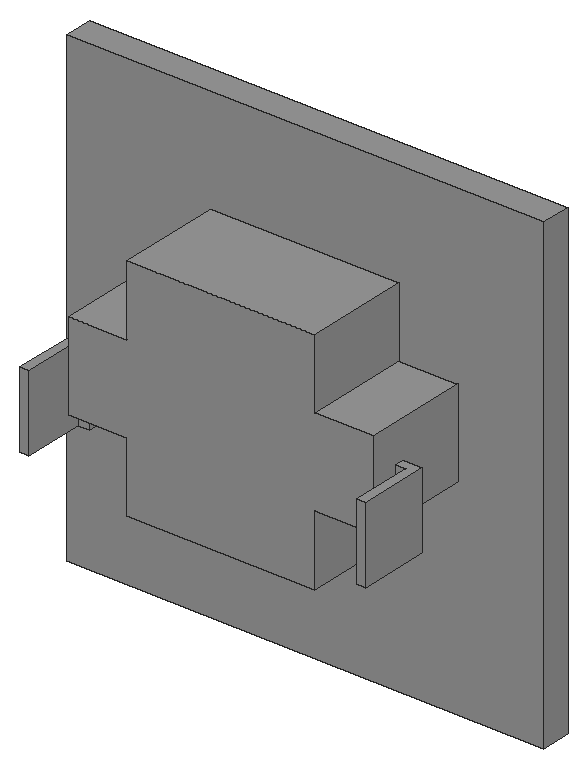
Revit family "IEK_Выключатель_Встраиваемый_С Инд 10А двухклавишный IP20_КВАРТА", category Выключатели, Revit 2019
Family settings
  Сохранять ориентацию аннотаций = Да
  Размер круглого соединителя = Использовать диаметр
  Тип детали = Переключатель
  На основе рабочей плоскости = Нет
  Всегда вертикально = Да
  При загрузке вырезать с полостями = Нет
  Общий = Нет
  Точка расчета площади = Нет
Parameters (values of type "ВС10-2-1-КБ")
  Ширина = 81.5 mm  # constant formula
  Тип монтажа = "Скрытый монтаж (в штукатурку)"  # constant formula
  Степень защиты = "IP20"  # constant formula
  Изготовитель = "IEK"  # constant formula
  Дата изменения = ""
  Глубина = 46 mm  # constant formula
  Высота = 80.5 mm  # constant formula
  ΔХ [instance] = 2000 mm
  ΔY [instance] = 2000 mm
  KSI_CPr_Строительные изделия = "20.4.01"  # constant formula
  KSI_CMa_Строительные материалы = "01.7.14.03"  # constant formula
  IEK_Цена за единицу = 158.42
  IEK_Поиск в таблице имен = ""
  IEK_Описание = "Классический дизайн, проверенный временем и востребованный различными категориями потребителей, позволяет устанавливать изделия серии \"КВАРТА\" в квартирах, загородных домах, офисных и производственных помещениях."
  IEK_URL = "https://www.iek.ru/products/catalog/izdeliya_elektroustanovochnye_udliniteli_i_silovye_razemy/elektroustanovochnye_izdeliya/elektroustanovochnye_izdeliya_skrytogo_montazha/elektroustanovochnye_izdeliya_kvarta/elektroustanovochnye_izdeliya_kvarta_tsvet_belyy/vyklyuchatel_2_klavishnyy_s_indikatsiey_vs10_2_1_kb_10a_kvarta_belyy_iek"
  ADSK_Ток [instance] = 10 A  # constant formula
  ADSK_Примечание = ""
  ADSK_Полная мощность [instance] = ADSK_Номинальная мощность / ADSK_Коэффициент мощности  # 2200 VA
  ADSK_Позиция [instance] = ""
  ADSK_Номинальная мощность [instance] = ADSK_Ток * ADSK_Напряжение * sqrt(ADSK_Количество фаз числовое) * ADSK_Коэффициент мощности  # 2200 W
  ADSK_Напряжение = 220 V
  ADSK_Наименование = "Выключатель 2-клавишный с индикацией ВС10-2-1-КБ 10А КВАРТА белый IEK"
  ADSK_Материал обозначение = ""
  ADSK_Материал наименование = "Пластик"  # constant formula
  ADSK_Материал = Цвет белый
  ADSK_Масса = 0.099  # constant formula
  ADSK_Марка = "КВАРТА"  # constant formula
  ADSK_Коэффициент мощности [instance] = 1  # constant formula
  ADSK_Количество фаз числовое = 1
  ADSK_Количество фаз = 1
  ADSK_Код изделия = "EVK21-K01-10-DM"
  ADSK_Классификация нагрузок [instance] = Прочее
  ADSK_Завод-изготовитель = "IEK"  # constant formula
  ADSK_Единица измерения = "шт"  # constant formula
  ADSK_Группирование = "III ЭЛЕКТРОУСТАНОВОЧНЫЕ И ЭЛЕКТРОМОНТАЖНЫЕ ИЗДЕЛИЯ"  # constant formula
  ADSK_Версия семейства = "1.0"  # constant formula
  ADSK_Версия Revit = "2019"  # constant formula
  ADSK_URL страницы изделия = "https://www.iek.ru/products/catalog/izdeliya_elektroustanovochnye_udliniteli_i_silovye_razemy/elektroustanovochnye_izdeliya/elektroustanovochnye_izdeliya_skrytogo_montazha/elektroustanovochnye_izdeliya_kvarta/?pagec=100"
Types (3, lengths in mm): name | IEK_Цена за единицу | IEK_URL | ADSK_Наименование | ADSK_Материал | ADSK_Код изделия
  (no name) | 158.42 | "https://www.iek.ru/products/catalog/izdeliya_elektroustanovochnye_udliniteli_i_silovye_razemy/elektroustanovochnye_izdeliya/elektroustanovochnye_izdeliya_skrytogo_montazha/elektroustanovochnye_izdeliya_kvarta/elektroustanovochnye_izdeliya_kvarta_tsvet_belyy/vyklyuchatel_2_klavishnyy_s_indikatsiey_vs10_2_1_kb_10a_kvarta_belyy_iek" | "Выключатель 2-клавишный с индикацией ВС10-2-1-КБ 10А КВАРТА белый IEK" | Цвет белый | "EVK21-K01-10-DM"
  ВС10-2-1-КБ | 158.42 | "https://www.iek.ru/products/catalog/izdeliya_elektroustanovochnye_udliniteli_i_silovye_razemy/elektroustanovochnye_izdeliya/elektroustanovochnye_izdeliya_skrytogo_montazha/elektroustanovochnye_izdeliya_kvarta/elektroustanovochnye_izdeliya_kvarta_tsvet_belyy/vyklyuchatel_2_klavishnyy_s_indikatsiey_vs10_2_1_kb_10a_kvarta_belyy_iek" | "Выключатель 2-клавишный с индикацией ВС10-2-1-КБ 10А КВАРТА белый IEK" | Цвет белый | "EVK21-K01-10-DM"
  ВС10-2-1-ККм | 151.87 | "https://www.iek.ru/products/catalog/izdeliya_elektroustanovochnye_udliniteli_i_silovye_razemy/elektroustanovochnye_izdeliya/elektroustanovochnye_izdeliya_skrytogo_montazha/elektroustanovochnye_izdeliya_kvarta/elektroustanovochnye_izdeliya_kvarta_tsvet_kremovyy/vyklyuchatel_2_klavishnyy_s_indikatsiey_vs10_2_1_kkm_10a_kvarta_kremovyy_iek" | "Выключатель 2-клавишный с индикацией ВС10-2-1-ККм 10А КВАРТА кремовый IEK" | Цвет кремовый | "EVK21-K33-10-DM"
Reference planes
  plane 1 "По центру (Вперед/Назад)": y = 0
  plane 2: z = 0
  plane 3 "По центру (Влево/Вправо)": x = 0
  plane 4 "Высота ножек": z = 280
  plane 5 "Высота": z = 2081.496
  plane 6: x = -2000
  plane 7: y = 2000
Forms (mm)
  Extrusion 1, solid, material "Цвет белый" <- "ADSK_Материал", detail levels fine
    sketch origin (0, 0, 40.25) x (1, 0, 0) y (0, 0, -1)
      loop
        line (-40.75, -40.25) -> (40.75, -40.25) -> (40.75, 40.25) -> (-40.75, 40.25) -> (-40.75, -40.25)
    from 0 to 14.038
  Extrusion 2, void
    sketch origin (-0.5, 0, 41.036) x (-1, 0, 0) y (0, -1, 0)
      loop
        spline (40.25, -5) -> (38.349, -6.53) -> (36.302, -7.861) -> (34.142, -9.01) -> (31.901, -9.995) -> (29.61, -10.832) -> (27.303, -11.54) -> (25.011, -12.136) -> (22.767, -12.637) -> (20.603, -13.06) -> (18.551, -13.423) -> (16.643, -13.743) -> (14.912, -14.038)
        line (14.912, -14.038) -> (11.84, -14.038) -> (11.84, -18.875) -> (40.25, -18.875) -> (40.25, -5)
      loop
        line (-41.25, -5) -> (-41.25, -18.875) -> (-12.84, -18.875) -> (-12.84, -14.038) -> (-15.912, -14.038)
        spline (-15.912, -14.038) -> (-17.643, -13.743) -> (-19.551, -13.423) -> (-21.603, -13.06) -> (-23.767, -12.637) -> (-26.011, -12.136) -> (-28.303, -11.54) -> (-30.61, -10.832) -> (-32.901, -9.995) -> (-35.142, -9.01) -> (-37.302, -7.861) -> (-39.349, -6.53) -> (-41.25, -5)
    from -55.184 to 53.611
  Extrusion 3, void
    sketch origin (0.5, 0, 41.036) x (1, 0, 0) y (0, 1, 0)
      loop
        line (40.25, 5) -> (40.25, 18.875) -> (11.84, 18.875) -> (11.84, 14.038) -> (14.912, 14.038)
        spline (14.912, 14.038) -> (16.643, 13.743) -> (18.551, 13.423) -> (20.603, 13.06) -> (22.767, 12.637) -> (25.011, 12.136) -> (27.303, 11.54) -> (29.61, 10.832) -> (31.901, 9.995) -> (34.142, 9.01) -> (36.302, 7.861) -> (38.349, 6.53) -> (40.25, 5)
    from -55.184 to 53.611
  Extrusion 4, void
    sketch origin (0.786, 0, 40.25) x (0, 0, 1) y (0, -1, 0)
      loop
        spline (40.25, -5) -> (38.356, -6.403) -> (36.324, -7.586) -> (34.182, -8.58) -> (31.961, -9.416) -> (29.69, -10.124) -> (27.399, -10.734) -> (25.119, -11.276) -> (22.878, -11.781) -> (20.708, -12.28) -> (18.636, -12.802) -> (16.694, -13.378) -> (14.912, -14.038)
        line (14.912, -14.038) -> (11.84, -14.038) -> (11.84, -18.875) -> (40.25, -18.875) -> (40.25, -5)
    from -55.184 to 53.611
  Extrusion 5, void
    sketch origin (0, 0, 40.25) x (1, 0, 0) y (0, 0, -1)
      loop
        line (-29, -25) -> (29, -25) -> (29, 25) -> (-29, 25) -> (-29, -25)
    from 1 to 14.038
  Extrusion 6, void
    sketch origin (0.786, 0, 40.25) x (0, 0, -1) y (0, 1, 0)
      loop
        line (40.25, 5) -> (40.25, 18.875) -> (11.84, 18.875) -> (11.84, 14.038) -> (14.912, 14.038)
        spline (14.912, 14.038) -> (16.694, 13.378) -> (18.636, 12.802) -> (20.708, 12.28) -> (22.878, 11.781) -> (25.119, 11.276) -> (27.399, 10.734) -> (29.69, 10.124) -> (31.961, 9.416) -> (34.182, 8.58) -> (36.324, 7.586) -> (38.356, 6.403) -> (40.25, 5)
    from -55.184 to 53.611
  Extrusion 7, solid, material "Цвет белый" <- "ADSK_Материал", detail levels fine
    sketch origin (0, 0, 39.887) x (0, 0, 1) y (0, -1, 0)
      loop
        line (-24.209, -5) -> (-24.209, -11.055)
        arc (-24.209, -11.055) -> (-22.524, -15.523) -> (-19.835, -19.47) r 20.163
        arc (-19.835, -19.47) -> (3.045, -18.975) -> (24.863, -12.066) r 80.547
        line (24.863, -12.066) -> (24.863, -5) -> (-24.209, -5)
    from -28.5 to -0.1
  Extrusion 8, solid, material "Цвет белый" <- "ADSK_Материал", detail levels fine
    sketch origin (0, 0, 40.25) x (1, 0, 0) y (0, 0, -1)
      loop
        line (16, -22.25) -> (16, -10.25) -> (26, -10.25) -> (26, 4.75) -> (16, 4.75) -> (16, 16.75) -> (-16, 16.75) -> (-16, 4.75) -> (-26, 4.75) -> (-26, -10.25) -> (-16, -10.25) -> (-16, -22.25) -> (16, -22.25)
    from -18 to 0
  Extrusion 9, solid, material "Цвет белый" <- "ADSK_Материал", detail levels fine
    sketch origin (0, 0, 39.887) x (0, 0, 1) y (0, 1, 0)
      loop
        line (-24.209, 5) -> (24.863, 5) -> (24.863, 12.066)
        arc (24.863, 12.066) -> (3.045, 18.975) -> (-19.835, 19.47) r 80.547
        arc (-19.835, 19.47) -> (-22.524, 15.523) -> (-24.209, 11.055) r 20.163
        line (-24.209, 11.055) -> (-24.209, 5)
    from -28.5 to -0.1
  Extrusion 10, solid, material "Стекло", detail levels fine
    sketch origin (0, 0, 40.25) x (0, 0, 1) y (0, -1, 0)
      loop
        line (-14, -20.136) -> (-14, -18.595)
        arc (-14, -18.595) -> (-15.006, -18.545) -> (-16.012, -18.482) r 80.547
        line (-16.012, -18.482) -> (-16.012, -20.022)
        arc (-16.012, -20.022) -> (-15.006, -20.085) -> (-14, -20.136) r 80.547
    from 9 to 19
  Extrusion 11, solid, material "Стекло", detail levels fine
    sketch origin (0, 0, 40.25) x (0, 0, 1) y (0, 1, 0)
      loop
        arc (-14, 20.136) -> (-15.006, 20.085) -> (-16.012, 20.022) r 80.547
        line (-16.012, 20.022) -> (-16.012, 18.482)
        arc (-16.012, 18.482) -> (-15.006, 18.545) -> (-14, 18.595) r 80.547
        line (-14, 18.595) -> (-14, 20.136)
    from 9 to 19
  Extrusion 12, solid, material "Цвет белый" <- "ADSK_Материал", detail levels fine
    sketch origin (0, 0, 36.94) x (1, 0, 0) y (0, 1, 0)
      loop
        line (26, -12) -> (26, -13.5) -> (28, -13.5) -> (28, -24) -> (29.5, -24) -> (29.5, -12) -> (26, -12)
      loop
        line (-26, -12) -> (-29.5, -12) -> (-29.5, -24) -> (-28, -24) -> (-28, -13.5) -> (-26, -13.5) -> (-26, -12)
    from -5.8 to 7.2
  Extrusion 13, solid, material "Условный материал-отделка", detail levels coarse
    sketch origin (0, 0, 0) x (1, 0, 0) y (0, 1, 0)
      loop
        line (-40.75, 20) -> (-40.75, -24) -> (40.75, -24) -> (40.75, 20) -> (-40.75, 20)
    from -1.192 to 80.5
  Extrusion 14, solid, material "Условный материал-отделка", detail levels medium
    sketch origin (0, 0, 0) x (1, 0, 0) y (0, 1, 0)
      loop
        line (-40.75, 20) -> (-40.75, -24) -> (40.75, -24) -> (40.75, 20) -> (-40.75, 20)
    from -1.192 to 80.5
Cuts and joins
  Extrusion 2, Extrusion 4, Extrusion 5, Extrusion 6 cuts Extrusion 1
  Extrusion 2 cuts Extrusion 11
  Extrusion 3 cuts Extrusion 10
Lines and regions (mm)
  reference lines
    curve 1: line (0, 44.647, 0) -> (0, -55.353, 0)
    curve 2: line (-23.829, 0, 0) -> (76.171, 0, 0)
Dimensions and locks
  locked: plane 4 "Высота ножек" to plane 2 at 280
  plane 5 "Высота" to plane 4 "Высота ножек" = 1801.496 mm
  "ΔХ": plane 6 to curve 1
  "ΔY": plane 7 to curve 2
  aligned and locked: level to plane 2
  aligned and locked: curve 2 to nested 1
  aligned and locked: nested 1 to curve 1
Automatic sketch dimensions
  Extrusion 1 sketch curve to level = 0 mm
  Extrusion 1 sketch curve to plane 3 "По центру (Влево/Вправо)" = 40.75 mm
  plane 3 "По центру (Влево/Вправо)" to Extrusion 1 sketch curve = 40.75 mm
  level to Extrusion 1 sketch curve = 80.5 mm
  Extrusion 2 sketch curve to plane 1 "По центру (Вперед/Назад)" = 18.875 mm  (x2)
  plane 3 "По центру (Влево/Вправо)" to Extrusion 2 sketch curve = 40.75 mm
  plane 3 "По центру (Влево/Вправо)" to Extrusion 2 sketch curve = 15.412 mm
  Extrusion 2 sketch curve to Extrusion 2 sketch curve = 3.071 mm  (x2)
  Extrusion 2 sketch curve to plane 3 "По центру (Влево/Вправо)" = 12.34 mm
  Extrusion 2 sketch curve to Extrusion 2 sketch curve = 25.338 mm
  Extrusion 2 sketch curve to Extrusion 2 sketch curve = 4.837 mm  (x2)
  Extrusion 2 sketch curve to plane 1 "По центру (Вперед/Назад)" = 5 mm  (x2)
  plane 3 "По центру (Влево/Вправо)" to Extrusion 3 sketch curve = 12.34 mm
  Extrusion 3 sketch curve to Extrusion 3 sketch curve = 3.071 mm
  Extrusion 3 sketch curve to plane 1 "По центру (Вперед/Назад)" = 5 mm
  Extrusion 3 sketch curve to Extrusion 3 sketch curve = 25.338 mm
  Extrusion 3 sketch curve to plane 1 "По центру (Вперед/Назад)" = 14.038 mm
  Extrusion 3 sketch curve to Extrusion 3 sketch curve = 4.837 mm
  Extrusion 4 sketch curve to plane 1 "По центру (Вперед/Назад)" = 18.875 mm
  level to Extrusion 4 sketch curve = 52.09 mm
  Extrusion 4 sketch curve to plane 1 "По центру (Вперед/Назад)" = 14.038 mm
  Extrusion 4 sketch curve to Extrusion 4 sketch curve = 3.071 mm
  Extrusion 4 sketch curve to plane 1 "По центру (Вперед/Назад)" = 5 mm
  Extrusion 4 sketch curve to Extrusion 4 sketch curve = 25.338 mm
  Extrusion 5 sketch curve to plane 3 "По центру (Влево/Вправо)" = 29 mm
  plane 3 "По центру (Влево/Вправо)" to Extrusion 5 sketch curve = 29 mm
  level to Extrusion 5 sketch curve = 65.25 mm
  level to Extrusion 5 sketch curve = 15.25 mm
  Extrusion 6 sketch curve to level = 0 mm
  level to Extrusion 6 sketch curve = 25.338 mm
  Extrusion 6 sketch curve to Extrusion 6 sketch curve = 3.071 mm
  Extrusion 6 sketch curve to plane 1 "По центру (Вперед/Назад)" = 5 mm
  Extrusion 6 sketch curve to plane 1 "По центру (Вперед/Назад)" = 14.038 mm
  Extrusion 6 sketch curve to Extrusion 6 sketch curve = 4.837 mm
  level to Extrusion 7 sketch curve = 15.678 mm
  level to Extrusion 7 sketch curve = 29.77 mm
  Extrusion 7 sketch curve to plane 1 "По центру (Вперед/Назад)" = 6.224 mm
  Extrusion 7 sketch curve to Extrusion 7 sketch curve = 19.576 mm
  Extrusion 7 sketch curve to plane 1 "По центру (Вперед/Назад)" = 5 mm
  Extrusion 7 sketch curve to Extrusion 7 sketch curve = 29.496 mm
  Extrusion 7 sketch curve to Extrusion 7 sketch curve = 6.055 mm
  Extrusion 7 sketch curve to Extrusion 7 sketch curve = 7.066 mm
  plane 1 "По центру (Вперед/Назад)" to Extrusion 7 sketch curve = 60.489 mm
  Extrusion 8 sketch curve to plane 3 "По центру (Влево/Вправо)" = 26 mm
  Extrusion 8 sketch curve to Extrusion 8 sketch curve = 10 mm  (x3)
  plane 3 "По центру (Влево/Вправо)" to Extrusion 8 sketch curve = 16 mm
  Extrusion 8 sketch curve to Extrusion 8 sketch curve = 0 mm
  level to Extrusion 8 sketch curve = 62.5 mm
  Extrusion 8 sketch curve to Extrusion 8 sketch curve = 12 mm  (x3)
  Extrusion 8 sketch curve to Extrusion 8 sketch curve = 15 mm  (x2)
  level to Extrusion 9 sketch curve = 15.678 mm
  level to Extrusion 9 sketch curve = 29.77 mm
  Extrusion 9 sketch curve to plane 1 "По центру (Вперед/Назад)" = 6.224 mm
  Extrusion 9 sketch curve to Extrusion 9 sketch curve = 19.576 mm
  Extrusion 9 sketch curve to plane 1 "По центру (Вперед/Назад)" = 5 mm
  Extrusion 9 sketch curve to Extrusion 9 sketch curve = 29.496 mm
  plane 1 "По центру (Вперед/Назад)" to Extrusion 9 sketch curve = 60.489 mm
  Extrusion 9 sketch curve to Extrusion 9 sketch curve = 6.055 mm
  Extrusion 9 sketch curve to Extrusion 9 sketch curve = 7.066 mm
  level to Extrusion 10 sketch curve = 24.238 mm
  Extrusion 10 sketch curve to Extrusion 10 sketch curve = 2.012 mm
  level to Extrusion 10 sketch curve = 29.77 mm
  Extrusion 10 sketch curve to Extrusion 10 sketch curve = 0.066 mm
  Extrusion 10 sketch curve to plane 1 "По центру (Вперед/Назад)" = 20.136 mm
  Extrusion 10 sketch curve to Extrusion 10 sketch curve = 0.115 mm
  Extrusion 10 sketch curve to Extrusion 10 sketch curve = 1.541 mm
  Extrusion 10 sketch curve to Extrusion 10 sketch curve = 1.539 mm
  level to Extrusion 11 sketch curve = 24.238 mm
  Extrusion 11 sketch curve to Extrusion 11 sketch curve = 2.012 mm
  level to Extrusion 11 sketch curve = 29.77 mm
  Extrusion 11 sketch curve to Extrusion 11 sketch curve = 0.066 mm
  plane 1 "По центру (Вперед/Назад)" to Extrusion 11 sketch curve = 61.875 mm
  Extrusion 11 sketch curve to Extrusion 11 sketch curve = 1.544 mm
  Extrusion 11 sketch curve to plane 1 "По центру (Вперед/Назад)" = 18.482 mm
  Extrusion 11 sketch curve to Extrusion 11 sketch curve = 1.539 mm
  plane 1 "По центру (Вперед/Назад)" to Extrusion 12 sketch curve = 12 mm  (x2)
  Extrusion 12 sketch curve to plane 3 "По центру (Влево/Вправо)" = 29.5 mm
  Extrusion 12 sketch curve to Extrusion 12 sketch curve = 1.5 mm  (x4)
  Extrusion 12 sketch curve to Extrusion 12 sketch curve = 2 mm  (x2)
  plane 3 "По центру (Влево/Вправо)" to Extrusion 12 sketch curve = 26 mm
  Extrusion 12 sketch curve to Extrusion 12 sketch curve = 10.5 mm  (x2)
  Extrusion 13 sketch curve to plane 3 "По центру (Влево/Вправо)" = 40.75 mm
  plane 3 "По центру (Влево/Вправо)" to Extrusion 13 sketch curve = 40.75 mm
  plane 1 "По центру (Вперед/Назад)" to Extrusion 13 sketch curve = 24 mm
  Extrusion 13 sketch curve to plane 1 "По центру (Вперед/Назад)" = 20 mm
  Extrusion 14 sketch curve to plane 3 "По центру (Влево/Вправо)" = 40.75 mm
  plane 3 "По центру (Влево/Вправо)" to Extrusion 14 sketch curve = 40.75 mm
  plane 1 "По центру (Вперед/Назад)" to Extrusion 14 sketch curve = 24 mm
  Extrusion 14 sketch curve to plane 1 "По центру (Вперед/Назад)" = 20 mm
  curve 2 to plane 3 "По центру (Влево/Вправо)" = 23.829 mm
  plane 3 "По центру (Влево/Вправо)" to curve 2 = 76.171 mm
  plane 1 "По центру (Вперед/Назад)" to curve 1 = 55.353 mm
  curve 1 to plane 1 "По центру (Вперед/Назад)" = 44.647 mm
Nested families
  nested 1: "УГО Выключателя" at (0, 0, 0), type "2K-C", detail levels coarse+medium
    with IP44 no
Connectors
  electrical at (0, 0, 40.25), driven by "ADSK_Количество фаз", driven by "ADSK_Классификация нагрузок", driven by "ADSK_Напряжение", driven by "ADSK_Полная мощность", driven by "ADSK_Коэффициент мощности"
    settings: on cut or joined group of Extrusion 1, Extrusion 2, Extrusion 4, Extrusion 5, Extrusion 6, index 1, voltage 220 V, apparent load 0 VA, apparent load phase1 2200 VA, apparent load phase2 0 VA, apparent load phase3 0 VA, power factor 1, load classification "Прочее", number of poles 1, system type 31, power factor state 1, is connector primary yes, connector utility no, sub classification motor no, connector description ""
Definition of nested family "УГО Выключателя"
  Parameters (values of type "3K-O")
    IP44 [instance] = no
    3K-C = no
    2K-C = no
    1K-C = no
    3K-O = yes
    2K-O = no
    1K-O = no
  Types (6, lengths in mm): name | 3K-C | 2K-C | 1K-C | 3K-O | 1K-O
    2K-O | no | no | no | yes | no
    3K-O | no | no | no | yes | no
    2K-C | no | yes | no | no | no
    1K-O | no | no | no | no | yes
    1K-C | no | no | yes | no | no
    3K-C | yes | no | no | no | no
  Reference planes
    plane 1: y = 0
    plane 2: x = 0
  Lines and regions (mm)
    Filled region 1, type "Цветовая область 1", visible <- "IP44"
      outline origin (0, 0, 0) x (1, 0, 0) y (0, 1, 0)
        loop
          circle (0.006, 0.994) r 0.994
    Filled region 2, type "Цветовая область 1", visible <- "IP44", not visible
      outline origin (0, 0, 0) x (1, 0, 0) y (0, 1, 0)
        loop
          circle (0, 2.214) r 0.994
    Filled region 3, type "Цветовая область 1", visible <- "IP44"
      outline origin (-1.562, 0, 0) x (1, 0, 0) y (0, 1, 0)
        loop
          circle (1.569, 0.994) r 0.994
    Filled region 4, type "Цветовая область 1", visible <- "1K-O"
      outline origin (0, 6.25, 0) x (1, 0, 0) y (0, 1, 0)
        loop
          circle (0.006, -5.256) r 0.994
    Filled region 5, type "Цветовая область 1", visible <- "IP44"
      outline origin (-1.562, 0, 0) x (1, 0, 0) y (0, 1, 0)
        loop
          circle (1.569, 0.994) r 0.994
    Filled region 6, type "Цветовая область 1", visible <- "IP44"
      outline origin (0, 0, 0) x (1, 0, 0) y (0, 1, 0)
        loop
          circle (0.006, 0.994) r 0.994
    Filled region 7, type "Цветовая область 1", visible <- "IP44", not visible
      outline origin (-1.562, 0, 0) x (1, 0, 0) y (0, 1, 0)
        loop
          circle (11.009, 9.276) r 0.994
    Filled region 8, type "Цветовая область 1", visible <- "1K-O", not visible
      outline origin (0, 6.25, 0) x (1, 0, 0) y (0, 1, 0)
        loop
          circle (15.194, 9.276) r 0.994
    Filled region 9, type "Цветовая область 1", visible <- "IP44", not visible
      outline origin (-1.562, 0, 0) x (1, 0, 0) y (0, 1, 0)
        loop
          circle (23.521, 9.279) r 0.994
    Filled region 10, type "Цветовая область 1", visible <- "IP44", not visible
      outline origin (0, 0, 0) x (1, 0, 0) y (0, 1, 0)
        loop
          circle (28.604, 9.279) r 0.994
    Filled region 11, type "Цветовая область 1", visible <- "IP44", not visible
      outline origin (0, 0, 0) x (1, 0, 0) y (0, 1, 0)
        loop
          circle (32.789, 9.279) r 0.994
    Filled region 12, type "Цветовая область 1", visible <- "IP44"
      outline origin (0, 0, 0) x (1, 0, 0) y (0, 1, 0)
        loop
          circle (0.006, 0.994) r 0.994
    detail lines, visible <- "3K-O"
      curve 1: line (0.867, 1.49, 0) -> (3.037, 2.744, 0)
      curve 2: line (0.645, 1.755, 0) -> (2.256, 3.675, 0)
      curve 3: line (0.33, 1.933, 0) -> (1.146, 4.303, 0)
      curve 7: circle (0.006, 0.994, 0) r 0.994 normal (0, 0, 1)
      curve 16: line (3.037, 2.744, 0) -> (3.437, 2.051, 0)
      curve 17: line (2.256, 3.675, 0) -> (2.869, 3.161, 0)
      curve 18: line (1.146, 4.303, 0) -> (1.902, 4.042, 0)
    detail lines, visible <- "2K-O"
      curve 4: line (0.756, 1.645, 0) -> (2.648, 3.29, 0)
      curve 5: line (0.488, 1.863, 0) -> (1.703, 4.055, 0)
      curve 8: circle (0.006, 0.994, 0) r 0.994 normal (0, 0, 1)
      curve 19: line (2.648, 3.29, 0) -> (3.173, 2.686, 0)
      curve 20: line (1.703, 4.055, 0) -> (2.403, 3.667, 0)
    detail lines, visible <- "1K-O"
      curve 6: line (0.576, 1.808, 0) -> (2.014, 3.861, 0)
      curve 9: circle (0.006, 0.994, 0) r 0.994 normal (0, 0, 1)
      curve 21: line (2.014, 3.861, 0) -> (2.669, 3.402, 0)
    detail lines, visible <- "3K-C"
      curve 10: line (0.867, 1.49, 0) -> (3.037, 2.744, 0)
      curve 11: line (0.645, 1.755, 0) -> (2.256, 3.675, 0)
      curve 12: line (0.33, 1.933, 0) -> (1.146, 4.303, 0)
      curve 14: circle (0.006, 0.994, 0) r 0.994 normal (0, 0, 1)
      curve 23: line (2.812, 3.133, 0) -> (3.262, 2.354, 0)
      curve 24: line (1.911, 3.964, 0) -> (2.601, 3.386, 0)
      curve 25: line (0.72, 4.449, 0) -> (1.571, 4.156, 0)
    detail lines, visible <- "1K-C"
      curve 13: line (0.576, 1.808, 0) -> (2.014, 3.861, 0)
      curve 15: circle (0.006, 0.994, 0) r 0.994 normal (0, 0, 1)
      curve 22: line (1.645, 4.119, 0) -> (2.383, 3.603, 0)
    detail lines, visible <- "3K-O", not visible
      curve 26: line (0.86, 2.711, 0) -> (3.031, 3.964, 0)
      curve 27: line (0.639, 2.975, 0) -> (2.25, 4.895, 0)
      curve 28: line (0.323, 3.154, 0) -> (1.139, 5.524, 0)
      curve 29: circle (0, 2.214, 0) r 0.994 normal (0, 0, 1)
      curve 30: line (3.031, 3.964, 0) -> (3.431, 3.272, 0)
      curve 31: line (2.25, 4.895, 0) -> (2.863, 4.381, 0)
      curve 32: line (1.139, 5.524, 0) -> (1.896, 5.263, 0)
    detail lines, visible <- "2K-O", not visible
      curve 33: line (10.196, 9.928, 0) -> (12.088, 11.572, 0)
      curve 34: line (9.928, 10.145, 0) -> (11.143, 12.337, 0)
      curve 35: circle (9.446, 9.276, 0) r 0.994 normal (0, 0, 1)
      curve 36: line (12.088, 11.572, 0) -> (12.613, 10.968, 0)
      curve 37: line (11.143, 12.337, 0) -> (11.843, 11.949, 0)
    detail lines, visible <- "1K-O", not visible
      curve 38: line (15.764, 16.34, 0) -> (17.201, 18.393, 0)
      curve 39: circle (15.194, 15.526, 0) r 0.994 normal (0, 0, 1)
      curve 40: line (17.201, 18.393, 0) -> (17.857, 17.934, 0)
    detail lines, visible <- "3K-C", not visible
      curve 41: line (22.819, 9.775, 0) -> (24.99, 11.029, 0)
      curve 42: line (22.597, 10.04, 0) -> (24.208, 11.96, 0)
      curve 43: line (22.282, 10.218, 0) -> (23.098, 12.588, 0)
      curve 44: circle (21.958, 9.279, 0) r 0.994 normal (0, 0, 1)
      curve 45: line (24.765, 11.418, 0) -> (25.215, 10.639, 0)
      curve 46: line (23.863, 12.249, 0) -> (24.553, 11.67, 0)
      curve 47: line (22.672, 12.734, 0) -> (23.523, 12.441, 0)
    detail lines, visible <- "2K-C", not visible
      curve 48: line (29.354, 9.93, 0) -> (31.246, 11.575, 0)
      curve 49: line (29.086, 10.148, 0) -> (30.301, 12.34, 0)
      curve 50: circle (28.604, 9.279, 0) r 0.994 normal (0, 0, 1)
      curve 51: line (30.951, 11.914, 0) -> (31.541, 11.235, 0)
      curve 52: line (29.908, 12.558, 0) -> (30.695, 12.122, 0)
    detail lines, visible <- "1K-C", not visible
      curve 53: line (33.359, 10.092, 0) -> (34.797, 12.146, 0)
      curve 54: circle (32.789, 9.279, 0) r 0.994 normal (0, 0, 1)
      curve 55: line (34.428, 12.404, 0) -> (35.165, 11.887, 0)
    detail lines, visible <- "2K-C"
      curve 56: line (0.756, 1.645, 0) -> (2.648, 3.29, 0)
      curve 57: line (0.488, 1.863, 0) -> (1.703, 4.055, 0)
      curve 58: circle (0.006, 0.994, 0) r 0.994 normal (0, 0, 1)
      curve 59: line (2.353, 3.629, 0) -> (2.943, 2.95, 0)
      curve 60: line (1.31, 4.273, 0) -> (2.097, 3.837, 0)
    detail lines
      curve 61: line (0.006, 0, 0) -> (0.006, 2.454, 0)
      curve 62: line (0.006, 0, 0) -> (2.217, 0, 0)
